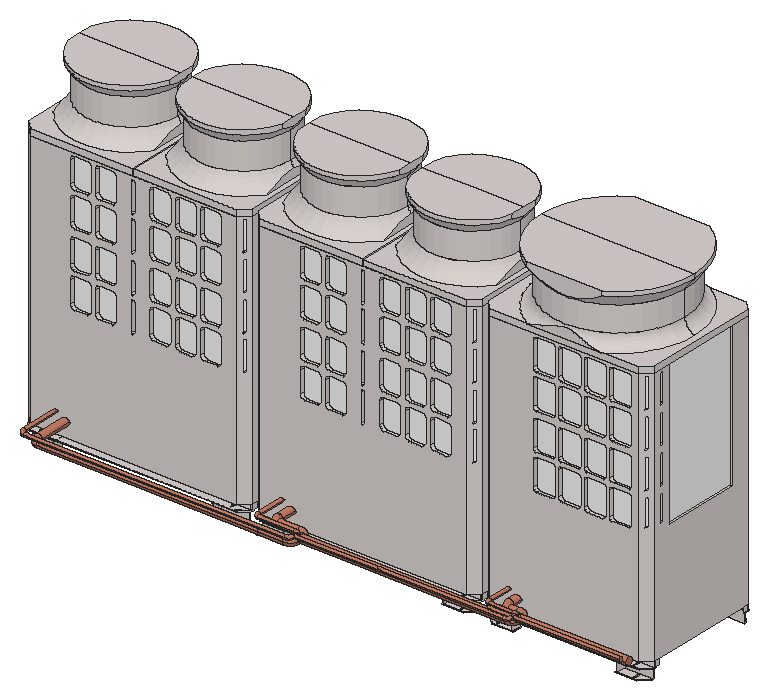
Revit family "PUHY-EP1000YSNW-A1", category 機械設備, Revit 2016
Family settings
  パーツ タイプ = 標準
  丸型コネクタ寸法 = 半径を使用
  OmniClass 番号 = 23.75.00.00
  OmniClass タイトル = Climate Control (HVAC)
  作業面に基づく = いいえ
  常に垂直 = はい
  ロード時にボイドで切り取り = いいえ
  共有 = いいえ
  部屋の計算ポイント = いいえ
Parameters (values of type "PUHY-EP1000YSNW-A1_400V_60Hz")
  Temp. range of cooling (Outdoor temp.) (D.B.) = "-5.0 to 52.0"
  Temp. range of cooling (Indoor temp.) (W.B.) = "15.0 to 24.0"
  Sound Pressure Level (dB(A)) Heating mode = 68.5
  Sound Pressure Level (dB(A)) Cooling mode = 68
  モデル = "PUHY-EP1000YSNW-A1"
  Width = 3460.000 mm
  WarrantyStart = ""
  Voltage = 400 V
  Unit Weight (kg) = 813
  URL = "http://www.mitsubishielectric.com/"
  Temp. range of heating (Outdoor temp.) (W.B.) = "-20.0 to 15.5"
  Temp. range of heating (Indoor temp.) (D.B.) = "15.0 to 27.0"
  TagNumber = 0
  Subcategory = "HVAC"
  Space View = yes
  SerialNumber = 0
  ReplacementYear = ""
  Refrigerant type = "R410A"
  Refrigerant Charge (kg) = 27.1
  Protection Devices_Inverter circuit (COMP./FAN) = "Over-current protection"
  Protection Devices_High pressure (MPa) = "High pressure sensor, High pressure switch at 4.15"
  Phase = 3
  製造元 = "Mitsubishi Electric Corporation"
  Outdoor unit 3 Breaker size (A) = 30
  Outdoor unit 3 = PUHY-EP250YNW-A1 : PUHY-EP250YNW-A1
  Outdoor unit 2 Breaker size (A) = 40
  Outdoor unit 2 = PUHY-EP350YNW-A1 : PUHY-EP350YNW-A1
  Outdoor unit 1 Breaker size (A) = 60
  Outdoor unit 1 = PUHY-EP400YNW-A1 : PUHY-EP400YNW-A1
  Note_1 = "Refrigerant pipe diameters may change depending on the installation condition. Please refer to the installation manual."
  Maximum Circuit Ampacity (A) = 68.9
  Liquid pipe_radius = 9.525 mm
  InstallationDate = ""
  Indoor Unit Total Capacity = "50 to 130% of outdoor unit capacity"
  Indoor Unit Model/Quantity = "P10 to P250/2 to 50"
  Hertz = 60 Hz
  Height = 1858.000 mm
  Heating SCOP (kW/kW) = 4.2
  Heating Rated Load Ampacity (A) = 47.8
  Heating Power Input (kW) = 29.81
  Heating Power Input (Nominal) (kW) = 24.94
  Heating Current Input (Nominal) (A) = 39.9
  Heating Current Input (A) = 47.8
  Heating Capacity (kW) = 127
  Heating Capacity (Nominal) (kW) = 113
  Heating COP (kW/kW) = 4.26
  Heating COP (Nominal) (kW/kW) = 4.53
  Gas pipe_radius = 20.640 mm
  Fan_Type = "Propeller Fan"
  Fan_Quantity = 5
  Fan Motor Output (kW) = 2.76
  External static pressure (Pa) = 0
  External Finish = "Pre-coated galvanized steel sheets (+powder coating for -BS type) <MUNSELL 3Y 7.8/1.1 or similar>"
  Equip_description = ""
  Equip_No. = 0
  Equip_ID = ""
  Description = ""
  Depth = 740.000 mm
  CreatedOn = ""
  CreatedBy = ""
  Cooling SEER (kW/kW) = 7.06
  Cooling Rated Load Ampacity (A) = 47.6
  Cooling Power Input (kW) = 29.73
  Cooling EER (kW/kW) = 3.8
  Cooling Current Input (A) = 47.6
  Cooling Capacity (kW) = 113
  Compressor_Type = "Inverter scroll hermetic compressor"
  Compressor_Quantity = 3
  Compressor_Lubricant = "MEL32"
  Compressor Motor Output (kW) = 22.6
  Category = ""
  Barcode = ""
  AssetIdentifier = ""
  Airflow Rate (m3/min) = 725
  Airflow Rate (m3/h) = 43500
Reference planes
  plane 1 "Center (Front/Back)": y = 0
  plane 2: z = 0
  plane 3 "Center (Left/Right)": x = -160
  plane 4: z = 1710
  plane 5: z = 60
  plane 6: y = 370
  plane 7 "front": y = -370
  plane 8: x = -1890
  plane 9: x = 1570
  plane 10: x = -620
  plane 11: x = 620
  plane 12: x = -650
  plane 13: x = 650
  plane 14: y = 370
  plane 15: y = -370
  plane 16: z = 1858
Forms (mm)
  Sweep 1, solid, material "Copper"
    path origin (137.855, 17.925, 207.255) x (0, -1, 0) y (1, 0, 0)
      loop
        line (380, -1839.039) -> (605, -1839.039)
        arc (605, -1839.039) -> (626.213, -1830.253) -> (635, -1809.039) r 30
        line (635, -1809.039) -> (635, -368.337)
        arc (635, -368.337) -> (629.142, -354.195) -> (615, -348.337) r 20
        line (615, -348.337) -> (590, -348.337)
        arc (590, -348.337) -> (575.858, -354.195) -> (570, -368.337) r 20
        line (570, -368.337) -> (570, -568.337)
        arc (570, -568.337) -> (564.142, -582.479) -> (550, -588.337) r 20
        line (550, -588.337) -> (380, -588.337)
    profile origin (-1701.184, -474.575, 207.255) x (1, 0, 0) y (0, 0, 1)
      loop
        circle (0, 0) r 9.525
  Sweep 2, solid, material "Copper"
    path origin (111.295, 17.925, 173.255) x (-1, 0, 0) y (0, -1, 0)
      loop
        line (1758.141, 380) -> (1758.141, 575)
        arc (1758.141, 575) -> (1747.889, 599.749) -> (1723.141, 610) r 35
        line (1723.141, 610) -> (502, 610) -> (364.723, 610)
        arc (364.723, 610) -> (339.974, 599.749) -> (329.723, 575) r 35
        line (329.723, 575) -> (329.723, 545)
        arc (329.723, 545) -> (339.974, 520.251) -> (364.723, 510) r 35
        line (364.723, 510) -> (475.673, 510)
        arc (475.673, 510) -> (500.421, 499.749) -> (510.673, 475) r 35
        line (510.673, 475) -> (510.673, 380)
    profile origin (-1646.846, -459.575, 173.255) x (1, 0, 0) y (0, 0, 1)
      loop
        circle (0, 0) r 20.64
  Sweep 3, solid, material "Copper"
    path origin (214.685, 17.925, 207.255) x (0, -1, 0) y (1, 0, 0)
      loop
        line (605, -426.689) -> (605, 43.311) -> (605, 737.327)
        arc (605, 737.327) -> (599.142, 751.469) -> (585, 757.327) r 20
        line (585, 757.327) -> (560.96, 757.327)
        arc (560.96, 757.327) -> (546.818, 751.469) -> (540.96, 737.327) r 20
        line (540.96, 737.327) -> (540.96, 607.327)
        arc (540.96, 607.327) -> (535.102, 593.185) -> (520.96, 587.327) r 20
        line (520.96, 587.327) -> (380, 587.327)
    profile origin (22.996, -587.075, 207.255) x (0, 1, 0) y (0, 0, 1)
      loop
        circle (0, 0) r 9.525
  Sweep 4, solid, material "Copper"
    path origin (188.125, 17.925, 173.255) x (-1, 0, 0) y (0, -1, 0)
      loop
        line (406.853, 555.96) -> (-741.149, 555.96)
        arc (-741.149, 555.96) -> (-765.897, 545.709) -> (-776.149, 520.96) r 35
        line (-776.149, 520.96) -> (-776.149, 510)
        arc (-776.149, 510) -> (-765.897, 485.251) -> (-741.149, 475) r 35
        line (-741.149, 475) -> (-696.149, 475)
        arc (-696.149, 475) -> (-671.4, 464.749) -> (-661.149, 440) r 35
        line (-661.149, 440) -> (-661.149, 380)
    profile origin (355.273, -538.035, 173.255) x (0, 1, 0) y (0, 0, 1)
      loop
        circle (0, 0) r 20.64
  Sweep 5, solid, material "Copper"
    path origin (114.685, 17.925, 207.255) x (0, -1, 0) y (1, 0, 0)
      loop
        line (572.806, 727.767) -> (572.806, 1455.315)
    profile origin (1206.226, -554.881, 207.255) x (0, 1, 0) y (0, 0, 1)
      loop
        circle (0, 0) r 9.525
  Sweep 6, solid, material "Copper"
    path origin (88.125, 17.925, 173.255) x (-1, 0, 0) y (0, -1, 0)
      loop
        line (-749.534, 515.995) -> (-1481.875, 515.995)
    profile origin (1203.83, -498.07, 173.255) x (0, 1, 0) y (0, 0, 1)
      loop
        circle (0, 0) r 20.64
Dimensions and locks
  nested 2 to nested 1 = 30.000 mm
  nested 1 to nested 3 = 30.000 mm
  nested 1 to nested 1 = 1240.000 mm
  nested 2 to nested 2 = 1240.000 mm
  nested 3 to nested 3 = 920.000 mm
  "Liquid pipe_radius": radius of Sweep 5 sketch curve
  "Gas pipe_radius": radius of Sweep 6 sketch curve
  aligned and locked: level to plane 2
Automatic sketch dimensions
  Sweep 1 sketch curve to plane 7 "front" = 7.925 mm  (x2)
  plane 7 "front" to Sweep 1 sketch curve = 162.075 mm
  Sweep 1 sketch curve to plane 3 "Center (Left/Right)" = 70.482 mm
  Sweep 1 sketch curve to Sweep 1 sketch curve = 20.000 mm
  Sweep 1 sketch curve to plane 3 "Center (Left/Right)" = 50.482 mm
  plane 7 "front" to Sweep 1 sketch curve = 217.075 mm
  Sweep 1 sketch curve to Sweep 1 sketch curve = 25.000 mm
  Sweep 1 sketch curve to Sweep 1 sketch curve = 30.000 mm
  Sweep 1 sketch curve to plane 3 "Center (Left/Right)" = 270.482 mm
  profile plane to Sweep 1 sketch curve = 0.000 mm
  Sweep 1 sketch curve to profile plane = 0.000 mm
  Sweep 2 sketch curve to plane 3 "Center (Left/Right)" = 58.427 mm
  Sweep 2 sketch curve to plane 3 "Center (Left/Right)" = 93.427 mm  (x2)
  Sweep 2 sketch curve to plane 3 "Center (Left/Right)" = 204.377 mm
  Sweep 2 sketch curve to plane 3 "Center (Left/Right)" = 230.705 mm
  Sweep 2 sketch curve to Sweep 2 sketch curve = 35.000 mm  (x2)
  plane 7 "front" to Sweep 2 sketch curve = 222.075 mm
  Sweep 2 sketch curve to Sweep 2 sketch curve = 30.000 mm
  Sweep 2 sketch curve to plane 7 "front" = 7.925 mm  (x2)
  profile plane to Sweep 2 sketch curve = 0.000 mm
  Sweep 2 sketch curve to profile plane = 0.000 mm
  Sweep 3 sketch curve to profile plane = 0.000 mm  (x2)
  plane 7 "front" to Sweep 4 sketch curve = 122.075 mm
  plane 7 "front" to Sweep 4 sketch curve = 87.075 mm
  Sweep 4 sketch curve to Sweep 4 sketch curve = 0.000 mm
  Sweep 4 sketch curve to Sweep 4 sketch curve = 45.000 mm
  plane 7 "front" to Sweep 4 sketch curve = 52.075 mm
  Sweep 4 sketch curve to plane 3 "Center (Left/Right)" = 58.728 mm
  Sweep 4 sketch curve to Sweep 4 sketch curve = 60.000 mm
  Sweep 4 sketch curve to Sweep 4 sketch curve = 10.960 mm
  Sweep 4 sketch curve to profile plane = 0.000 mm  (x2)
  Sweep 3 sketch curve to plane 7 "front" = 7.925 mm
  plane 7 "front" to Sweep 3 sketch curve = 133.035 mm
  Sweep 3 sketch curve to Sweep 3 sketch curve = 20.000 mm  (x2)
  Sweep 3 sketch curve to Sweep 3 sketch curve = 24.040 mm
  plane 7 "front" to Sweep 3 sketch curve = 217.075 mm
  Sweep 3 sketch curve to plane 3 "Center (Left/Right)" = 52.004 mm
  Sweep 3 sketch curve to Sweep 3 sketch curve = 470.000 mm
  Sweep 3 sketch curve to Sweep 3 sketch curve = 544.016 mm
  Sweep 3 sketch curve to Sweep 3 sketch curve = 130.000 mm
  Sweep 1 sketch curve to Sweep 1 sketch curve = 1220.702 mm
  Sweep 2 sketch curve to Sweep 2 sketch curve = 1212.468 mm
  Sweep 4 sketch curve to Sweep 4 sketch curve = 1068.002 mm
  Sweep 5 sketch curve to plane 9 = 0.000 mm
  plane 7 "front" to Sweep 5 sketch curve = 184.881 mm
  Sweep 5 sketch curve to plane 9 = 727.547 mm
  Sweep 6 sketch curve to plane 9 = 0.000 mm
  plane 7 "front" to Sweep 6 sketch curve = 128.070 mm
  Sweep 6 sketch curve to plane 9 = 732.341 mm
  Sweep 5 sketch curve to profile plane = 0.000 mm  (x2)
  Sweep 6 sketch curve to profile plane = 0.000 mm  (x2)
  radius of Sweep 1 sketch curve = 9.525 mm
  radius of Sweep 2 sketch curve = 20.640 mm
  radius of Sweep 3 sketch curve = 9.525 mm
  radius of Sweep 4 sketch curve = 20.640 mm
Nested families
  nested 1: "PUHY-EP350YNW-A1" at (0, 0, 0), type <- "Outdoor unit 2", type "PUHY-EP350YNW-A1"
  nested 2: "PUHY-EP400YNW-A1" at (-1270, 0, 0), type <- "Outdoor unit 1", type "PUHY-EP400YNW-A1"
  nested 3: "PUHY-EP250YNW-A1" at (1110, 0, 0), type <- "Outdoor unit 3", type "PUHY-EP250YNW-A1"
Connectors
  piping at (1570, -498.07, 173.255), diameter 41.28, driven by "Gas pipe_radius"
    settings: on Sweep 6, index 1, connector inside diameter 41.28 mm, connector length 0.000 mm, flow factor 0, pipe flow 0.0 L/s, pressure drop 0.0 Pa, fitting loss kfactor 0, connector angle 0.00°, fixture units 0, engagement length 0.000 mm, angle of deflection 0.00°, flow configuration 0, flow direction 0, fitting loss method 0, system type 22, joint type 0, gender type 0, connector reference index -1, connector utility 0, adjustable connector no, is connector primary yes, connector description "Indoor unit-Twinning pipe(Gas)"
  piping at (1570, -554.881, 207.255), diameter 19.05, driven by "Liquid pipe_radius"
    settings: on Sweep 5, index 2, connector inside diameter 19.05 mm, connector length 0.000 mm, flow factor 0, pipe flow 0.0 L/s, pressure drop 0.0 Pa, fitting loss kfactor 0, connector angle 0.00°, fixture units 0, engagement length 0.000 mm, angle of deflection 0.00°, flow configuration 0, flow direction 0, fitting loss method 0, system type 22, joint type 0, gender type 0, connector reference index -1, connector utility 0, adjustable connector no, is connector primary no, connector description "Indoor unit-Twinning pipe(Liquid)"
  electrical at (992, -370, 279), driven by "Phase", driven by "Voltage"
    settings: index 3, voltage 400 V, apparent load 0 VA, apparent load phase1 0 VA, apparent load phase2 0 VA, apparent load phase3 0 VA, power factor 1, load classification "HVAC", number of poles 3, system type 30, power factor state 1, is connector primary yes, connector utility no, sub classification motor no, connector description ""
  electrical at (-258, -370, 279), driven by "Phase", driven by "Voltage"
    settings: index 4, voltage 400 V, apparent load 0 VA, apparent load phase1 0 VA, apparent load phase2 0 VA, apparent load phase3 0 VA, power factor 1, load classification "HVAC", number of poles 3, system type 30, power factor state 1, is connector primary no, connector utility no, sub classification motor no, connector description ""
  electrical at (-1508, -370, 279), driven by "Phase", driven by "Voltage"
    settings: index 5, voltage 400 V, apparent load 0 VA, apparent load phase1 0 VA, apparent load phase2 0 VA, apparent load phase3 0 VA, power factor 1, load classification "HVAC", number of poles 3, system type 30, power factor state 1, is connector primary no, connector utility no, sub classification motor no, connector description ""
Definition of nested family "PUHY-EP350YNW-A1"
  Parameters
    Model = "PUHY-P350YNW-A"
    URL = "http://www.mitsubishielectric.com/"
    Manufacturer = "Mitsubishi Electric Corporation"
    Liquid pipe_radius = 12.700 mm
    Gas pipe_radius = 14.290 mm
  Reference planes
    plane 1 "Center (Front/Back)": y = 0
    plane 2: z = 0
    plane 3 "Center (Left/Right)": x = 0
    plane 4: y = 370
    plane 5: z = 1858
    plane 6: y = -260
    plane 7: y = -204
    plane 8: y = -185
    plane 9: x = -620
    plane 10: x = 620
    plane 11: x = -620
    plane 12: z = 716
    plane 13: x = -524
    plane 14: z = 669
    plane 15: x = -50.5
    plane 16: x = 51
    plane 17: x = 489
    plane 18: x = 467
    plane 19 "132": x = 488
    plane 20 "100": z = 160
    plane 21: z = 185
    plane 22: x = 413
    plane 23: x = 364
    plane 24: z = 150
    plane 25: x = -287.25
    plane 26: x = -137.25
    plane 27: x = -272.25
    plane 28: y = -278
    plane 29: z = 1509
    plane 30: y = -370
    plane 31: x = -530
    plane 32: x = 530
    plane 33 "179": y = -191
  Forms (mm)
    Extrusion 1, solid
      sketch origin (-1, 0, 113) x (-1, 0, 0) y (0, -1, 0)
        loop
          line (569, -370) -> (619, -320) -> (619, 320) -> (569, 370) -> (-571, 370) -> (-621, 320) -> (-621, -320) -> (-571, -370) -> (569, -370)
      from -18 to 1408
    Extrusion 2, void
      sketch origin (524, -370, 113) x (1, 0, 0) y (0, 0, -1)
        loop
          arc (-60.8, -1393.5) -> (-42.557, -1385.943) -> (-35, -1367.7) r 25.8
          line (-35, -1367.7) -> (-35, -1248.5)
          arc (-35, -1248.5) -> (-42.557, -1230.257) -> (-60.8, -1222.7) r 25.8
          line (-60.8, -1222.7) -> (-126, -1222.7)
          arc (-126, -1222.7) -> (-144.243, -1230.257) -> (-151.8, -1248.5) r 25.8
          line (-151.8, -1248.5) -> (-151.8, -1367.7)
          arc (-151.8, -1367.7) -> (-144.243, -1385.943) -> (-126, -1393.5) r 25.8
          line (-126, -1393.5) -> (-60.8, -1393.5)
      from 0 to 20
    Extrusion 3, void
      sketch origin (524, -370, -81) x (1, 0, 0) y (0, 0, -1)
        loop
          arc (-60.8, -1393.5) -> (-42.557, -1385.943) -> (-35, -1367.7) r 25.8
          line (-35, -1367.7) -> (-35, -1248.5)
          arc (-35, -1248.5) -> (-42.557, -1230.257) -> (-60.8, -1222.7) r 25.8
          line (-60.8, -1222.7) -> (-126, -1222.7)
          arc (-126, -1222.7) -> (-144.243, -1230.257) -> (-151.8, -1248.5) r 25.8
          line (-151.8, -1248.5) -> (-151.8, -1367.7)
          arc (-151.8, -1367.7) -> (-144.243, -1385.943) -> (-126, -1393.5) r 25.8
          line (-126, -1393.5) -> (-60.8, -1393.5)
      from 0 to 20
    Extrusion 4, void
      sketch origin (524, -370, -287) x (1, 0, 0) y (0, 0, -1)
        loop
          arc (-60.8, -1393.5) -> (-42.557, -1385.943) -> (-35, -1367.7) r 25.8
          line (-35, -1367.7) -> (-35, -1248.5)
          arc (-35, -1248.5) -> (-42.557, -1230.257) -> (-60.8, -1222.7) r 25.8
          line (-60.8, -1222.7) -> (-126, -1222.7)
          arc (-126, -1222.7) -> (-144.243, -1230.257) -> (-151.8, -1248.5) r 25.8
          line (-151.8, -1248.5) -> (-151.8, -1367.7)
          arc (-151.8, -1367.7) -> (-144.243, -1385.943) -> (-126, -1393.5) r 25.8
          line (-126, -1393.5) -> (-60.8, -1393.5)
      from 0 to 20
    Extrusion 5, void
      sketch origin (524, -370, -481) x (1, 0, 0) y (0, 0, -1)
        loop
          arc (-60.8, -1393.5) -> (-42.557, -1385.943) -> (-35, -1367.7) r 25.8
          line (-35, -1367.7) -> (-35, -1248.5)
          arc (-35, -1248.5) -> (-42.557, -1230.257) -> (-60.8, -1222.7) r 25.8
          line (-60.8, -1222.7) -> (-126, -1222.7)
          arc (-126, -1222.7) -> (-144.243, -1230.257) -> (-151.8, -1248.5) r 25.8
          line (-151.8, -1248.5) -> (-151.8, -1367.7)
          arc (-151.8, -1367.7) -> (-144.243, -1385.943) -> (-126, -1393.5) r 25.8
          line (-126, -1393.5) -> (-60.8, -1393.5)
      from 0 to 20
    Extrusion 6, void
      sketch origin (384, -370, 113) x (1, 0, 0) y (0, 0, -1)
        loop
          arc (-60.8, -1393.5) -> (-42.557, -1385.943) -> (-35, -1367.7) r 25.8
          line (-35, -1367.7) -> (-35, -1248.5)
          arc (-35, -1248.5) -> (-42.557, -1230.257) -> (-60.8, -1222.7) r 25.8
          line (-60.8, -1222.7) -> (-126, -1222.7)
          arc (-126, -1222.7) -> (-144.243, -1230.257) -> (-151.8, -1248.5) r 25.8
          line (-151.8, -1248.5) -> (-151.8, -1367.7)
          arc (-151.8, -1367.7) -> (-144.243, -1385.943) -> (-126, -1393.5) r 25.8
          line (-126, -1393.5) -> (-60.8, -1393.5)
      from 0 to 20
    Extrusion 7, void
      sketch origin (384, -370, -81) x (1, 0, 0) y (0, 0, -1)
        loop
          arc (-60.8, -1393.5) -> (-42.557, -1385.943) -> (-35, -1367.7) r 25.8
          line (-35, -1367.7) -> (-35, -1248.5)
          arc (-35, -1248.5) -> (-42.557, -1230.257) -> (-60.8, -1222.7) r 25.8
          line (-60.8, -1222.7) -> (-126, -1222.7)
          arc (-126, -1222.7) -> (-144.243, -1230.257) -> (-151.8, -1248.5) r 25.8
          line (-151.8, -1248.5) -> (-151.8, -1367.7)
          arc (-151.8, -1367.7) -> (-144.243, -1385.943) -> (-126, -1393.5) r 25.8
          line (-126, -1393.5) -> (-60.8, -1393.5)
      from 0 to 20
    Extrusion 8, void
      sketch origin (384, -370, -287) x (1, 0, 0) y (0, 0, -1)
        loop
          arc (-60.8, -1393.5) -> (-42.557, -1385.943) -> (-35, -1367.7) r 25.8
          line (-35, -1367.7) -> (-35, -1248.5)
          arc (-35, -1248.5) -> (-42.557, -1230.257) -> (-60.8, -1222.7) r 25.8
          line (-60.8, -1222.7) -> (-126, -1222.7)
          arc (-126, -1222.7) -> (-144.243, -1230.257) -> (-151.8, -1248.5) r 25.8
          line (-151.8, -1248.5) -> (-151.8, -1367.7)
          arc (-151.8, -1367.7) -> (-144.243, -1385.943) -> (-126, -1393.5) r 25.8
          line (-126, -1393.5) -> (-60.8, -1393.5)
      from 0 to 20
    Extrusion 9, void
      sketch origin (384, -370, -481) x (1, 0, 0) y (0, 0, -1)
        loop
          arc (-60.8, -1393.5) -> (-42.557, -1385.943) -> (-35, -1367.7) r 25.8
          line (-35, -1367.7) -> (-35, -1248.5)
          arc (-35, -1248.5) -> (-42.557, -1230.257) -> (-60.8, -1222.7) r 25.8
          line (-60.8, -1222.7) -> (-126, -1222.7)
          arc (-126, -1222.7) -> (-144.243, -1230.257) -> (-151.8, -1248.5) r 25.8
          line (-151.8, -1248.5) -> (-151.8, -1367.7)
          arc (-151.8, -1367.7) -> (-144.243, -1385.943) -> (-126, -1393.5) r 25.8
          line (-126, -1393.5) -> (-60.8, -1393.5)
      from 0 to 20
    Extrusion 10, void
      sketch origin (244, -370, 113) x (1, 0, 0) y (0, 0, -1)
        loop
          arc (-60.8, -1393.5) -> (-42.557, -1385.943) -> (-35, -1367.7) r 25.8
          line (-35, -1367.7) -> (-35, -1248.5)
          arc (-35, -1248.5) -> (-42.557, -1230.257) -> (-60.8, -1222.7) r 25.8
          line (-60.8, -1222.7) -> (-126, -1222.7)
          arc (-126, -1222.7) -> (-144.243, -1230.257) -> (-151.8, -1248.5) r 25.8
          line (-151.8, -1248.5) -> (-151.8, -1367.7)
          arc (-151.8, -1367.7) -> (-144.243, -1385.943) -> (-126, -1393.5) r 25.8
          line (-126, -1393.5) -> (-60.8, -1393.5)
      from 0 to 20
    Extrusion 11, void
      sketch origin (244, -370, -81) x (1, 0, 0) y (0, 0, -1)
        loop
          arc (-60.8, -1393.5) -> (-42.557, -1385.943) -> (-35, -1367.7) r 25.8
          line (-35, -1367.7) -> (-35, -1248.5)
          arc (-35, -1248.5) -> (-42.557, -1230.257) -> (-60.8, -1222.7) r 25.8
          line (-60.8, -1222.7) -> (-126, -1222.7)
          arc (-126, -1222.7) -> (-144.243, -1230.257) -> (-151.8, -1248.5) r 25.8
          line (-151.8, -1248.5) -> (-151.8, -1367.7)
          arc (-151.8, -1367.7) -> (-144.243, -1385.943) -> (-126, -1393.5) r 25.8
          line (-126, -1393.5) -> (-60.8, -1393.5)
      from 0 to 20
    Extrusion 12, void
      sketch origin (244, -370, -287) x (1, 0, 0) y (0, 0, -1)
        loop
          arc (-60.8, -1393.5) -> (-42.557, -1385.943) -> (-35, -1367.7) r 25.8
          line (-35, -1367.7) -> (-35, -1248.5)
          arc (-35, -1248.5) -> (-42.557, -1230.257) -> (-60.8, -1222.7) r 25.8
          line (-60.8, -1222.7) -> (-126, -1222.7)
          arc (-126, -1222.7) -> (-144.243, -1230.257) -> (-151.8, -1248.5) r 25.8
          line (-151.8, -1248.5) -> (-151.8, -1367.7)
          arc (-151.8, -1367.7) -> (-144.243, -1385.943) -> (-126, -1393.5) r 25.8
          line (-126, -1393.5) -> (-60.8, -1393.5)
      from 0 to 20
    Extrusion 13, void
      sketch origin (244, -370, -481) x (1, 0, 0) y (0, 0, -1)
        loop
          arc (-60.8, -1393.5) -> (-42.557, -1385.943) -> (-35, -1367.7) r 25.8
          line (-35, -1367.7) -> (-35, -1248.5)
          arc (-35, -1248.5) -> (-42.557, -1230.257) -> (-60.8, -1222.7) r 25.8
          line (-60.8, -1222.7) -> (-126, -1222.7)
          arc (-126, -1222.7) -> (-144.243, -1230.257) -> (-151.8, -1248.5) r 25.8
          line (-151.8, -1248.5) -> (-151.8, -1367.7)
          arc (-151.8, -1367.7) -> (-144.243, -1385.943) -> (-126, -1393.5) r 25.8
          line (-126, -1393.5) -> (-60.8, -1393.5)
      from 0 to 20
    Extrusion 14, void
      sketch origin (-56, -370, 113) x (1, 0, 0) y (0, 0, -1)
        loop
          arc (-60.8, -1393.5) -> (-42.557, -1385.943) -> (-35, -1367.7) r 25.8
          line (-35, -1367.7) -> (-35, -1248.5)
          arc (-35, -1248.5) -> (-42.557, -1230.257) -> (-60.8, -1222.7) r 25.8
          line (-60.8, -1222.7) -> (-126, -1222.7)
          arc (-126, -1222.7) -> (-144.243, -1230.257) -> (-151.8, -1248.5) r 25.8
          line (-151.8, -1248.5) -> (-151.8, -1367.7)
          arc (-151.8, -1367.7) -> (-144.243, -1385.943) -> (-126, -1393.5) r 25.8
          line (-126, -1393.5) -> (-60.8, -1393.5)
      from 0 to 20
    Extrusion 15, void
      sketch origin (-56, -370, -81) x (1, 0, 0) y (0, 0, -1)
        loop
          arc (-60.8, -1393.5) -> (-42.557, -1385.943) -> (-35, -1367.7) r 25.8
          line (-35, -1367.7) -> (-35, -1248.5)
          arc (-35, -1248.5) -> (-42.557, -1230.257) -> (-60.8, -1222.7) r 25.8
          line (-60.8, -1222.7) -> (-126, -1222.7)
          arc (-126, -1222.7) -> (-144.243, -1230.257) -> (-151.8, -1248.5) r 25.8
          line (-151.8, -1248.5) -> (-151.8, -1367.7)
          arc (-151.8, -1367.7) -> (-144.243, -1385.943) -> (-126, -1393.5) r 25.8
          line (-126, -1393.5) -> (-60.8, -1393.5)
      from 0 to 20
    Extrusion 16, void
      sketch origin (-56, -370, -287) x (1, 0, 0) y (0, 0, -1)
        loop
          arc (-60.8, -1393.5) -> (-42.557, -1385.943) -> (-35, -1367.7) r 25.8
          line (-35, -1367.7) -> (-35, -1248.5)
          arc (-35, -1248.5) -> (-42.557, -1230.257) -> (-60.8, -1222.7) r 25.8
          line (-60.8, -1222.7) -> (-126, -1222.7)
          arc (-126, -1222.7) -> (-144.243, -1230.257) -> (-151.8, -1248.5) r 25.8
          line (-151.8, -1248.5) -> (-151.8, -1367.7)
          arc (-151.8, -1367.7) -> (-144.243, -1385.943) -> (-126, -1393.5) r 25.8
          line (-126, -1393.5) -> (-60.8, -1393.5)
      from 0 to 20
    Extrusion 17, void
      sketch origin (-56, -370, -481) x (1, 0, 0) y (0, 0, -1)
        loop
          arc (-60.8, -1393.5) -> (-42.557, -1385.943) -> (-35, -1367.7) r 25.8
          line (-35, -1367.7) -> (-35, -1248.5)
          arc (-35, -1248.5) -> (-42.557, -1230.257) -> (-60.8, -1222.7) r 25.8
          line (-60.8, -1222.7) -> (-126, -1222.7)
          arc (-126, -1222.7) -> (-144.243, -1230.257) -> (-151.8, -1248.5) r 25.8
          line (-151.8, -1248.5) -> (-151.8, -1367.7)
          arc (-151.8, -1367.7) -> (-144.243, -1385.943) -> (-126, -1393.5) r 25.8
          line (-126, -1393.5) -> (-60.8, -1393.5)
      from 0 to 20
    Extrusion 18, void
      sketch origin (-196, -370, 113) x (1, 0, 0) y (0, 0, -1)
        loop
          arc (-60.8, -1393.5) -> (-42.557, -1385.943) -> (-35, -1367.7) r 25.8
          line (-35, -1367.7) -> (-35, -1248.5)
          arc (-35, -1248.5) -> (-42.557, -1230.257) -> (-60.8, -1222.7) r 25.8
          line (-60.8, -1222.7) -> (-126, -1222.7)
          arc (-126, -1222.7) -> (-144.243, -1230.257) -> (-151.8, -1248.5) r 25.8
          line (-151.8, -1248.5) -> (-151.8, -1367.7)
          arc (-151.8, -1367.7) -> (-144.243, -1385.943) -> (-126, -1393.5) r 25.8
          line (-126, -1393.5) -> (-60.8, -1393.5)
      from 0 to 20
    Extrusion 19, void
      sketch origin (-196, -370, -81) x (1, 0, 0) y (0, 0, -1)
        loop
          arc (-60.8, -1393.5) -> (-42.557, -1385.943) -> (-35, -1367.7) r 25.8
          line (-35, -1367.7) -> (-35, -1248.5)
          arc (-35, -1248.5) -> (-42.557, -1230.257) -> (-60.8, -1222.7) r 25.8
          line (-60.8, -1222.7) -> (-126, -1222.7)
          arc (-126, -1222.7) -> (-144.243, -1230.257) -> (-151.8, -1248.5) r 25.8
          line (-151.8, -1248.5) -> (-151.8, -1367.7)
          arc (-151.8, -1367.7) -> (-144.243, -1385.943) -> (-126, -1393.5) r 25.8
          line (-126, -1393.5) -> (-60.8, -1393.5)
      from 0 to 20
    Extrusion 20, void
      sketch origin (-196, -370, -287) x (1, 0, 0) y (0, 0, -1)
        loop
          arc (-60.8, -1393.5) -> (-42.557, -1385.943) -> (-35, -1367.7) r 25.8
          line (-35, -1367.7) -> (-35, -1248.5)
          arc (-35, -1248.5) -> (-42.557, -1230.257) -> (-60.8, -1222.7) r 25.8
          line (-60.8, -1222.7) -> (-126, -1222.7)
          arc (-126, -1222.7) -> (-144.243, -1230.257) -> (-151.8, -1248.5) r 25.8
          line (-151.8, -1248.5) -> (-151.8, -1367.7)
          arc (-151.8, -1367.7) -> (-144.243, -1385.943) -> (-126, -1393.5) r 25.8
          line (-126, -1393.5) -> (-60.8, -1393.5)
      from 0 to 20
    Extrusion 21, void
      sketch origin (-196, -370, -481) x (1, 0, 0) y (0, 0, -1)
        loop
          arc (-60.8, -1393.5) -> (-42.557, -1385.943) -> (-35, -1367.7) r 25.8
          line (-35, -1367.7) -> (-35, -1248.5)
          arc (-35, -1248.5) -> (-42.557, -1230.257) -> (-60.8, -1222.7) r 25.8
          line (-60.8, -1222.7) -> (-126, -1222.7)
          arc (-126, -1222.7) -> (-144.243, -1230.257) -> (-151.8, -1248.5) r 25.8
          line (-151.8, -1248.5) -> (-151.8, -1367.7)
          arc (-151.8, -1367.7) -> (-144.243, -1385.943) -> (-126, -1393.5) r 25.8
          line (-126, -1393.5) -> (-60.8, -1393.5)
      from 0 to 20
    Extrusion 22, void
      sketch origin (620, 320, 113) x (0, 1, 0) y (0, 0, -1)
        loop
          line (-462.3, -1408) -> (-50.8, -1408) -> (-50.8, -612) -> (-462.3, -612) -> (-462.3, -1408)
      from 0 to 20
    Extrusion 23, void
      sketch origin (-620, -320, 113) x (0, -1, 0) y (0, 0, -1)
        loop
          line (-535.7, -1408) -> (-207.7, -1408) -> (-207.7, -592) -> (-535.7, -592) -> (-535.7, -1408)
      from 0 to 20
    Extrusion 24, void
      sketch origin (194.892, 370, 113) x (-1, 0, 0) y (0, 0, -1)
        loop
          arc (204.892, -1225.013) -> (194.892, -1215.013) -> (184.892, -1225.013) r 10
          line (184.892, -1225.013) -> (184.892, -1379.987)
          arc (184.892, -1379.987) -> (194.892, -1389.987) -> (204.892, -1379.987) r 10
          line (204.892, -1379.987) -> (204.892, -1225.013)
        loop
          arc (204.892, -1031.013) -> (194.892, -1021.013) -> (184.892, -1031.013) r 10
          line (184.892, -1031.013) -> (184.892, -1185.987)
          arc (184.892, -1185.987) -> (194.892, -1195.987) -> (204.892, -1185.987) r 10
          line (204.892, -1185.987) -> (204.892, -1031.013)
        loop
          arc (204.892, -825.013) -> (194.892, -815.013) -> (184.892, -825.013) r 10
          line (184.892, -825.013) -> (184.892, -979.987)
          arc (184.892, -979.987) -> (194.892, -989.987) -> (204.892, -979.987) r 10
          line (204.892, -979.987) -> (204.892, -825.013)
        loop
          arc (204.892, -631.013) -> (194.892, -621.013) -> (184.892, -631.013) r 10
          line (184.892, -631.013) -> (184.892, -785.987)
          arc (184.892, -785.987) -> (194.892, -795.987) -> (204.892, -785.987) r 10
          line (204.892, -785.987) -> (204.892, -631.013)
      from 0 to 20
    Extrusion 25, void
      sketch origin (-570, 370, 113) x (0.707107, 0.707107, 0) y (0, 0, 1)
        loop
          arc (-45.355, 1236) -> (-35.355, 1226) -> (-25.355, 1236) r 10
          line (-25.355, 1236) -> (-25.355, 1386)
          arc (-25.355, 1386) -> (-35.355, 1396) -> (-45.355, 1386) r 10
          line (-45.355, 1386) -> (-45.355, 1236)
        loop
          arc (-45.355, 1036) -> (-35.355, 1026) -> (-25.355, 1036) r 10
          line (-25.355, 1036) -> (-25.355, 1186)
          arc (-25.355, 1186) -> (-35.355, 1196) -> (-45.355, 1186) r 10
          line (-45.355, 1186) -> (-45.355, 1036)
        loop
          arc (-45.355, 836) -> (-35.355, 826) -> (-25.355, 836) r 10
          line (-25.355, 836) -> (-25.355, 986)
          arc (-25.355, 986) -> (-35.355, 996) -> (-45.355, 986) r 10
          line (-45.355, 986) -> (-45.355, 836)
        loop
          arc (-45.355, 641) -> (-35.355, 631) -> (-25.355, 641) r 10
          line (-25.355, 641) -> (-25.355, 791)
          arc (-25.355, 791) -> (-35.355, 801) -> (-45.355, 791) r 10
          line (-45.355, 791) -> (-45.355, 641)
      from 0 to 20
    Extrusion 26, void
      sketch origin (-620, -320, 113) x (0, -1, 0) y (0, 0, -1)
        loop
          line (-607.846, -1035.895) -> (-607.846, -1186.105)
          arc (-607.846, -1186.105) -> (-597.846, -1196.105) -> (-587.846, -1186.105) r 10
          line (-587.846, -1186.105) -> (-587.846, -1035.895)
          arc (-587.846, -1035.895) -> (-597.846, -1025.895) -> (-607.846, -1035.895) r 10
        loop
          line (-607.846, -835.895) -> (-607.846, -986.105)
          arc (-607.846, -986.105) -> (-597.846, -996.105) -> (-587.846, -986.105) r 10
          line (-587.846, -986.105) -> (-587.846, -835.895)
          arc (-587.846, -835.895) -> (-597.846, -825.895) -> (-607.846, -835.895) r 10
        loop
          line (-607.846, -1235.895) -> (-607.846, -1386.105)
          arc (-607.846, -1386.105) -> (-597.846, -1396.105) -> (-587.846, -1386.105) r 10
          line (-587.846, -1386.105) -> (-587.846, -1235.895)
          arc (-587.846, -1235.895) -> (-597.846, -1225.895) -> (-607.846, -1235.895) r 10
        loop
          line (-607.846, -635.895) -> (-607.846, -786.105)
          arc (-607.846, -786.105) -> (-597.846, -796.105) -> (-587.846, -786.105) r 10
          line (-587.846, -786.105) -> (-587.846, -635.895)
          arc (-587.846, -635.895) -> (-597.846, -625.895) -> (-607.846, -635.895) r 10
      from 0 to 20
    Extrusion 27, void
      sketch origin (1079, -370, 113) x (1, 0, 0) y (0, 0, -1)
        loop
          arc (-1089, -1379.975) -> (-1079, -1389.975) -> (-1069, -1379.975) r 10
          line (-1069, -1379.975) -> (-1069, -1225)
          arc (-1069, -1225) -> (-1079, -1215) -> (-1089, -1225) r 10
          line (-1089, -1225) -> (-1089, -1379.975)
        loop
          arc (-1089, -1185.975) -> (-1079, -1195.975) -> (-1069, -1185.975) r 10
          line (-1069, -1185.975) -> (-1069, -1031)
          arc (-1069, -1031) -> (-1079, -1021) -> (-1089, -1031) r 10
          line (-1089, -1031) -> (-1089, -1185.975)
        loop
          arc (-1089, -979.975) -> (-1079, -989.975) -> (-1069, -979.975) r 10
          line (-1069, -979.975) -> (-1069, -825)
          arc (-1069, -825) -> (-1079, -815) -> (-1089, -825) r 10
          line (-1089, -825) -> (-1089, -979.975)
        loop
          arc (-1089, -785.975) -> (-1079, -795.975) -> (-1069, -785.975) r 10
          line (-1069, -785.975) -> (-1069, -631)
          arc (-1069, -631) -> (-1079, -621) -> (-1089, -631) r 10
          line (-1089, -631) -> (-1089, -785.975)
      from 0 to 20
    Extrusion 28, void
      sketch origin (-571, 370, 113) x (-1, 0, 0) y (0, 0, -1)
        loop
          line (-519.5, -1408) -> (-48, -1408) -> (-48, -556) -> (-519.5, -556) -> (-519.5, -1408)
      from 0 to 20
    Extrusion 29, void
      sketch origin (-571, 370, 113) x (-1, 0, 0) y (0, 0, -1)
        loop
          line (-1038, -1408) -> (-622, -1408) -> (-622, -556) -> (-1038, -556) -> (-1038, -1408)
      from 0 to 20
    Extrusion 30, void
      sketch origin (620, 320, 113) x (0, 1, 0) y (0, 0, -1)
        loop
          arc (-588, -1035.791) -> (-598, -1025.791) -> (-608, -1035.791) r 10
          line (-608, -1035.791) -> (-608, -1186)
          arc (-608, -1186) -> (-598, -1196) -> (-588, -1186) r 10
          line (-588, -1186) -> (-588, -1035.791)
        loop
          arc (-588, -835.791) -> (-598, -825.791) -> (-608, -835.791) r 10
          line (-608, -835.791) -> (-608, -986)
          arc (-608, -986) -> (-598, -996) -> (-588, -986) r 10
          line (-588, -986) -> (-588, -835.791)
        loop
          arc (-588, -1235.791) -> (-598, -1225.791) -> (-608, -1235.791) r 10
          line (-608, -1235.791) -> (-608, -1386)
          arc (-608, -1386) -> (-598, -1396) -> (-588, -1386) r 10
          line (-588, -1386) -> (-588, -1235.791)
        loop
          arc (-588, -635.791) -> (-598, -625.791) -> (-608, -635.791) r 10
          line (-608, -635.791) -> (-608, -786)
          arc (-608, -786) -> (-598, -796) -> (-588, -786) r 10
          line (-588, -786) -> (-588, -635.791)
      from 0 to 20
    Extrusion 31, void
      sketch origin (1291.751, 351.751, 113) x (0.707107, 0.707107, 0) y (0, 0, -1)
        loop
          line (-995.311, -1236) -> (-995.311, -1386)
          arc (-995.311, -1386) -> (-985.311, -1396) -> (-975.311, -1386) r 10
          line (-975.311, -1386) -> (-975.311, -1236)
          arc (-975.311, -1236) -> (-985.311, -1226) -> (-995.311, -1236) r 10
        loop
          line (-995.311, -1036) -> (-995.311, -1186)
          arc (-995.311, -1186) -> (-985.311, -1196) -> (-975.311, -1186) r 10
          line (-975.311, -1186) -> (-975.311, -1036)
          arc (-975.311, -1036) -> (-985.311, -1026) -> (-995.311, -1036) r 10
        loop
          line (-995.311, -836) -> (-995.311, -986)
          arc (-995.311, -986) -> (-985.311, -996) -> (-975.311, -986) r 10
          line (-975.311, -986) -> (-975.311, -836)
          arc (-975.311, -836) -> (-985.311, -826) -> (-995.311, -836) r 10
        loop
          line (-995.311, -641) -> (-995.311, -791)
          arc (-995.311, -791) -> (-985.311, -801) -> (-975.311, -791) r 10
          line (-975.311, -791) -> (-975.311, -641)
          arc (-975.311, -641) -> (-985.311, -631) -> (-995.311, -641) r 10
      from 0 to 20
    Extrusion 32, void
      sketch origin (0, -191, 0) x (-1, 0, 0) y (0, 0, 1)
        loop
          circle (460, 176) r 6.35
      from 0 to 78.7
    Extrusion 33, void
      sketch origin (0, -191, 0) x (-1, 0, 0) y (0, 0, 1)
        loop
          circle (377, 176) r 14.29
      from 0 to 78.7
  Cuts and joins
    Extrusion 2, Extrusion 3, Extrusion 4, Extrusion 5, Extrusion 6, Extrusion 7, Extrusion 8, Extrusion 9, Extrusion 10, Extrusion 11, Extrusion 12, Extrusion 13, Extrusion 14, Extrusion 15, Extrusion 16, Extrusion 17, Extrusion 18, Extrusion 19, Extrusion 20, Extrusion 21, Extrusion 22, Extrusion 23, Extrusion 24, Extrusion 25, Extrusion 26, Extrusion 27, Extrusion 28, Extrusion 29, Extrusion 30, Extrusion 31, Extrusion 32, Extrusion 33 cuts Extrusion 1
  Lines and regions (mm)
    model lines
      curve 1: line (-351, -291, 95) -> (-481, -291, 95)
      curve 2: line (-342, -206, 95) -> (-342, -282, 95)
      curve 3: line (-481, -197, 95) -> (-351, -197, 95)
      curve 4: line (-492, -280, 95) -> (-492, -208, 95)
      curve 5: arc (-492, -280, 95) -> (-488.778, -287.778, 95) -> (-481, -291, 95) r 11
      curve 6: arc (-351, -291, 95) -> (-344.636, -288.364, 95) -> (-342, -282, 95) r 9
      curve 7: arc (-342, -206, 95) -> (-344.636, -199.636, 95) -> (-351, -197, 95) r 9
      curve 8: arc (-481, -197, 95) -> (-488.778, -200.222, 95) -> (-492, -208, 95) r 11
      curve 9: line (-30, -370, 1521) -> (-30, -370, 95)
      curve 10: line (30, -370, 1521) -> (30, -370, 95)
      curve 11: line (-485, -370, 215) -> (-357, -370, 215)
      curve 12: line (-495, -370, 141) -> (-495, -370, 205)
      curve 13: line (-357, -370, 131) -> (-485, -370, 131)
      curve 14: line (-347, -370, 205) -> (-347, -370, 141)
      curve 15: arc (-485, -370, 215) -> (-492.071, -370, 212.071) -> (-495, -370, 205) r 10
      curve 16: arc (-495, -370, 141) -> (-492.071, -370, 133.929) -> (-485, -370, 131) r 10
      curve 17: arc (-357, -370, 131) -> (-349.929, -370, 133.929) -> (-347, -370, 141) r 10
      curve 18: arc (-347, -370, 205) -> (-349.929, -370, 212.071) -> (-357, -370, 215) r 10
      curve 19: line (-405, -370, 1521) -> (-405, -370, 716)
      curve 20: line (620, -162.3, 1521) -> (620, -162.3, 95)
      curve 21: line (620, 289.2, 1521) -> (620, 289.2, 95)
      curve 22: line (620, -162.3, 705) -> (620, 289.2, 705)
      curve 23: line (620, -162.3, 725) -> (620, 289.2, 725)
      curve 24: line (620, -76.8, 583) -> (620, 203.2, 583)
      curve 25: line (620, 203.2, 563) -> (620, -76.8, 563)
      curve 26: arc (620, -76.8, 583) -> (620, -83.871, 580.071) -> (620, -86.8, 573) r 10
      curve 27: arc (620, -76.8, 563) -> (620, -83.871, 565.929) -> (620, -86.8, 573) r 10
      curve 28: arc (620, 203.2, 583) -> (620, 210.271, 580.071) -> (620, 213.2, 573) r 10
      curve 29: arc (620, 203.2, 563) -> (620, 210.271, 565.929) -> (620, 213.2, 573) r 10
      curve 30: line (620, -76.8, 478) -> (620, 203.2, 478)
      curve 31: line (620, 203.2, 458) -> (620, -76.8, 458)
      curve 32: arc (620, -76.8, 478) -> (620, -83.871, 475.071) -> (620, -86.8, 468) r 10
      curve 33: arc (620, -76.8, 458) -> (620, -83.871, 460.929) -> (620, -86.8, 468) r 10
      curve 34: arc (620, 203.2, 478) -> (620, 210.271, 475.071) -> (620, 213.2, 468) r 10
      curve 35: arc (620, 203.2, 458) -> (620, 210.271, 460.929) -> (620, 213.2, 468) r 10
      curve 36: line (620, -76.8, 373) -> (620, 203.2, 373)
      curve 37: line (620, 203.2, 353) -> (620, -76.8, 353)
      curve 38: arc (620, -76.8, 373) -> (620, -83.871, 370.071) -> (620, -86.8, 363) r 10
      curve 39: arc (620, -76.8, 353) -> (620, -83.871, 355.929) -> (620, -86.8, 363) r 10
      curve 40: arc (620, 203.2, 373) -> (620, 210.271, 370.071) -> (620, 213.2, 363) r 10
      curve 41: arc (620, 203.2, 353) -> (620, 210.271, 355.929) -> (620, 213.2, 363) r 10
      curve 42: line (620, -76.8, 268) -> (620, 203.2, 268)
      curve 43: line (620, 203.2, 248) -> (620, -76.8, 248)
      curve 44: arc (620, -76.8, 268) -> (620, -83.871, 265.071) -> (620, -86.8, 258) r 10
      curve 45: arc (620, -76.8, 248) -> (620, -83.871, 250.929) -> (620, -86.8, 258) r 10
      curve 46: arc (620, 203.2, 268) -> (620, 210.271, 265.071) -> (620, 213.2, 258) r 10
      curve 47: arc (620, 203.2, 248) -> (620, 210.271, 250.929) -> (620, 213.2, 258) r 10
      curve 48: line (-620, -162.3, 1521) -> (-620, -162.3, 95)
      curve 49: line (-620, 235.7, 1521) -> (-620, 235.7, 95)
      curve 50: line (-620, -112.3, 1521) -> (-620, -112.3, 705)
      curve 51: line (-620, 215.7, 1521) -> (-620, 215.7, 705)
      curve 52: line (-620, 235.7, 705) -> (-620, -162.3, 705)
      curve 53: line (-620, 176.7, 268) -> (-620, -103.3, 268)
      curve 54: line (-620, -103.3, 248) -> (-620, 176.7, 248)
      curve 55: arc (-620, 186.7, 258) -> (-620, 183.771, 265.071) -> (-620, 176.7, 268) r 10
      curve 56: arc (-620, 176.7, 248) -> (-620, 183.771, 250.929) -> (-620, 186.7, 258) r 10
      curve 57: arc (-620, -103.3, 268) -> (-620, -110.371, 265.071) -> (-620, -113.3, 258) r 10
      curve 58: arc (-620, -113.3, 258) -> (-620, -110.371, 250.929) -> (-620, -103.3, 248) r 10
      curve 59: line (-620, 176.7, 373) -> (-620, -103.3, 373)
      curve 60: line (-620, -103.3, 353) -> (-620, 176.7, 353)
      curve 61: arc (-620, 186.7, 363) -> (-620, 183.771, 370.071) -> (-620, 176.7, 373) r 10
      curve 62: arc (-620, 176.7, 353) -> (-620, 183.771, 355.929) -> (-620, 186.7, 363) r 10
      curve 63: arc (-620, -103.3, 373) -> (-620, -110.371, 370.071) -> (-620, -113.3, 363) r 10
      curve 64: arc (-620, -113.3, 363) -> (-620, -110.371, 355.929) -> (-620, -103.3, 353) r 10
      curve 65: line (-620, 176.7, 478) -> (-620, -103.3, 478)
      curve 66: line (-620, -103.3, 458) -> (-620, 176.7, 458)
      curve 67: arc (-620, 186.7, 468) -> (-620, 183.771, 475.071) -> (-620, 176.7, 478) r 10
      curve 68: arc (-620, 176.7, 458) -> (-620, 183.771, 460.929) -> (-620, 186.7, 468) r 10
      curve 69: arc (-620, -103.3, 478) -> (-620, -110.371, 475.071) -> (-620, -113.3, 468) r 10
      curve 70: arc (-620, -113.3, 468) -> (-620, -110.371, 460.929) -> (-620, -103.3, 458) r 10
      curve 71: line (-620, 176.7, 583) -> (-620, -103.3, 583)
      curve 72: line (-620, -103.3, 563) -> (-620, 176.7, 563)
      curve 73: arc (-620, 186.7, 573) -> (-620, 183.771, 580.071) -> (-620, 176.7, 583) r 10
      curve 74: arc (-620, 176.7, 563) -> (-620, 183.771, 565.929) -> (-620, 186.7, 573) r 10
      curve 75: arc (-620, -103.3, 583) -> (-620, -110.371, 580.071) -> (-620, -113.3, 573) r 10
      curve 76: arc (-620, -113.3, 573) -> (-620, -110.371, 565.929) -> (-620, -103.3, 563) r 10
      curve 77: line (-544, 370, 1521) -> (-544, 370, 95)
      curve 78: line (489, 370, 649) -> (30, 370, 649)
      curve 79: line (-30.5, 370, 649) -> (-544, 370, 649)
      curve 80: line (-147.25, 370, 584) -> (-427.25, 370, 584)
      curve 81: line (-427.25, 370, 564) -> (-147.25, 370, 564)
      curve 82: arc (-137.25, 370, 574) -> (-140.179, 370, 581.071) -> (-147.25, 370, 584) r 10
      curve 83: arc (-147.25, 370, 564) -> (-140.179, 370, 566.929) -> (-137.25, 370, 574) r 10
      curve 84: arc (-427.25, 370, 584) -> (-434.321, 370, 581.071) -> (-437.25, 370, 574) r 10
      curve 85: arc (-437.25, 370, 574) -> (-434.321, 370, 566.929) -> (-427.25, 370, 564) r 10
      curve 86: circle (448, -185, 1521) r 15 normal (0, 0, 1)
      curve 87: circle (468, -185, 95) r 26 normal (0, 0, 1)
      curve 88: circle (448, -260, 95) r 32.5 normal (0, 0, 1)
      curve 89: circle (404, -204, 95) r 17 normal (0, 0, 1)
      curve 90: line (-550, -370, 1521) -> (-550, -370, 95)
      curve 91: line (-550, -370, 716) -> (-30, -370, 716)
      curve 92: line (550, -370, 95) -> (550, -370, 1521)
      curve 93: line (30, -370, 716) -> (550, -370, 716)
      curve 94: line (-30.5, 370, 1521) -> (-30.5, 370, 95)
      curve 95: line (30, 370, 1521) -> (30, 370, 95)
      curve 96: line (489, 370, 1521) -> (489, 370, 95)
      curve 97: line (467, 370, 669) -> (467, 370, 649)
      curve 98: line (-352, -370, 223) -> (-550, -370, 223)
      curve 99: line (-342, -370, 213) -> (-342, -370, 95)
      curve 100: arc (-342, -370, 213) -> (-344.929, -370, 220.071) -> (-352, -370, 223) r 10
      curve 101: circle (488, -370, 160) r 32.5 normal (0, -1, 0)
      curve 102: circle (488, -370, 160) r 20 normal (0, -1, 0)
      curve 103: circle (364, -370, 150) r 17 normal (0, -1, 0)
      curve 104: circle (413, -370, 185) r 26 normal (0, -1, 0)
      curve 105: circle (413, -370, 185) r 13.5 normal (0, -1, 0)
      curve 106: line (352, -370, 223) -> (550, -370, 223)
      curve 107: line (342, -370, 213) -> (342, -370, 95)
      curve 108: arc (342, -370, 213) -> (344.929, -370, 220.071) -> (352, -370, 223) r 10
      curve 109: line (-147.25, 370, 479) -> (-427.25, 370, 479)
      curve 110: line (-427.25, 370, 459) -> (-147.25, 370, 459)
      curve 111: arc (-137.25, 370, 469) -> (-140.179, 370, 476.071) -> (-147.25, 370, 479) r 10
      curve 112: arc (-147.25, 370, 459) -> (-140.179, 370, 461.929) -> (-137.25, 370, 469) r 10
      curve 113: arc (-427.25, 370, 479) -> (-434.321, 370, 476.071) -> (-437.25, 370, 469) r 10
      curve 114: arc (-437.25, 370, 469) -> (-434.321, 370, 461.929) -> (-427.25, 370, 459) r 10
      curve 115: line (-147.25, 370, 374) -> (-427.25, 370, 374)
      curve 116: line (-427.25, 370, 354) -> (-147.25, 370, 354)
      curve 117: arc (-137.25, 370, 364) -> (-140.179, 370, 371.071) -> (-147.25, 370, 374) r 10
      curve 118: arc (-147.25, 370, 354) -> (-140.179, 370, 356.929) -> (-137.25, 370, 364) r 10
      curve 119: arc (-427.25, 370, 374) -> (-434.321, 370, 371.071) -> (-437.25, 370, 364) r 10
      curve 120: arc (-437.25, 370, 364) -> (-434.321, 370, 356.929) -> (-427.25, 370, 354) r 10
      curve 121: line (-147.25, 370, 269) -> (-427.25, 370, 269)
      curve 122: line (-427.25, 370, 249) -> (-147.25, 370, 249)
      curve 123: arc (-137.25, 370, 259) -> (-140.179, 370, 266.071) -> (-147.25, 370, 269) r 10
      curve 124: arc (-147.25, 370, 249) -> (-140.179, 370, 251.929) -> (-137.25, 370, 259) r 10
      curve 125: arc (-427.25, 370, 269) -> (-434.321, 370, 266.071) -> (-437.25, 370, 259) r 10
      curve 126: arc (-437.25, 370, 259) -> (-434.321, 370, 251.929) -> (-427.25, 370, 249) r 10
      curve 127: line (399.5, 370, 584) -> (119.5, 370, 584)
      curve 128: line (119.5, 370, 564) -> (399.5, 370, 564)
      curve 129: arc (409.5, 370, 574) -> (406.571, 370, 581.071) -> (399.5, 370, 584) r 10
      curve 130: arc (399.5, 370, 564) -> (406.571, 370, 566.929) -> (409.5, 370, 574) r 10
      curve 131: arc (119.5, 370, 584) -> (112.429, 370, 581.071) -> (109.5, 370, 574) r 10
      curve 132: arc (109.5, 370, 574) -> (112.429, 370, 566.929) -> (119.5, 370, 564) r 10
      curve 133: line (399.5, 370, 479) -> (119.5, 370, 479)
      curve 134: line (119.5, 370, 459) -> (399.5, 370, 459)
      curve 135: arc (409.5, 370, 469) -> (406.571, 370, 476.071) -> (399.5, 370, 479) r 10
      curve 136: arc (399.5, 370, 459) -> (406.571, 370, 461.929) -> (409.5, 370, 469) r 10
      curve 137: arc (119.5, 370, 479) -> (112.429, 370, 476.071) -> (109.5, 370, 469) r 10
      curve 138: arc (109.5, 370, 469) -> (112.429, 370, 461.929) -> (119.5, 370, 459) r 10
      curve 139: line (399.5, 370, 374) -> (119.5, 370, 374)
      curve 140: line (119.5, 370, 354) -> (399.5, 370, 354)
      curve 141: arc (409.5, 370, 364) -> (406.571, 370, 371.071) -> (399.5, 370, 374) r 10
      curve 142: arc (399.5, 370, 354) -> (406.571, 370, 356.929) -> (409.5, 370, 364) r 10
      curve 143: arc (119.5, 370, 374) -> (112.429, 370, 371.071) -> (109.5, 370, 364) r 10
      curve 144: arc (109.5, 370, 364) -> (112.429, 370, 356.929) -> (119.5, 370, 354) r 10
      curve 145: line (399.5, 370, 269) -> (119.5, 370, 269)
      curve 146: line (119.5, 370, 249) -> (399.5, 370, 249)
      curve 147: arc (409.5, 370, 259) -> (406.571, 370, 266.071) -> (399.5, 370, 269) r 10
      curve 148: arc (399.5, 370, 249) -> (406.571, 370, 251.929) -> (409.5, 370, 259) r 10
      curve 149: arc (119.5, 370, 269) -> (112.429, 370, 266.071) -> (109.5, 370, 259) r 10
      curve 150: arc (109.5, 370, 259) -> (112.429, 370, 251.929) -> (119.5, 370, 249) r 10
      curve 151: line (399.5, -370, 584) -> (119.5, -370, 584)
      curve 152: line (119.5, -370, 564) -> (399.5, -370, 564)
      curve 153: arc (409.5, -370, 574) -> (406.571, -370, 581.071) -> (399.5, -370, 584) r 10
      curve 154: arc (399.5, -370, 564) -> (406.571, -370, 566.929) -> (409.5, -370, 574) r 10
      curve 155: arc (119.5, -370, 584) -> (112.429, -370, 581.071) -> (109.5, -370, 574) r 10
      curve 156: arc (109.5, -370, 574) -> (112.429, -370, 566.929) -> (119.5, -370, 564) r 10
      curve 157: line (399.5, -370, 479) -> (119.5, -370, 479)
      curve 158: line (119.5, -370, 459) -> (399.5, -370, 459)
      curve 159: arc (409.5, -370, 469) -> (406.571, -370, 476.071) -> (399.5, -370, 479) r 10
      curve 160: arc (399.5, -370, 459) -> (406.571, -370, 461.929) -> (409.5, -370, 469) r 10
      curve 161: arc (119.5, -370, 479) -> (112.429, -370, 476.071) -> (109.5, -370, 469) r 10
      curve 162: arc (109.5, -370, 469) -> (112.429, -370, 461.929) -> (119.5, -370, 459) r 10
      curve 163: line (399.5, -370, 374) -> (119.5, -370, 374)
      curve 164: line (119.5, -370, 354) -> (399.5, -370, 354)
      curve 165: arc (409.5, -370, 364) -> (406.571, -370, 371.071) -> (399.5, -370, 374) r 10
      curve 166: arc (399.5, -370, 354) -> (406.571, -370, 356.929) -> (409.5, -370, 364) r 10
      curve 167: arc (119.5, -370, 374) -> (112.429, -370, 371.071) -> (109.5, -370, 364) r 10
      curve 168: arc (109.5, -370, 364) -> (112.429, -370, 356.929) -> (119.5, -370, 354) r 10
      curve 169: arc (119.5, -370, 269) -> (112.429, -370, 266.071) -> (109.5, -370, 259) r 10
      curve 170: arc (109.5, -370, 259) -> (112.429, -370, 251.929) -> (119.5, -370, 249) r 10
      curve 171: line (-147.25, -370, 584) -> (-427.25, -370, 584)
      curve 172: line (-427.25, -370, 564) -> (-147.25, -370, 564)
      curve 173: arc (-137.25, -370, 574) -> (-140.179, -370, 581.071) -> (-147.25, -370, 584) r 10
      curve 174: arc (-147.25, -370, 564) -> (-140.179, -370, 566.929) -> (-137.25, -370, 574) r 10
      curve 175: arc (-427.25, -370, 584) -> (-434.321, -370, 581.071) -> (-437.25, -370, 574) r 10
      curve 176: arc (-437.25, -370, 574) -> (-434.321, -370, 566.929) -> (-427.25, -370, 564) r 10
      curve 177: line (-147.25, -370, 479) -> (-427.25, -370, 479)
      curve 178: line (-427.25, -370, 459) -> (-147.25, -370, 459)
      curve 179: arc (-137.25, -370, 469) -> (-140.179, -370, 476.071) -> (-147.25, -370, 479) r 10
      curve 180: arc (-147.25, -370, 459) -> (-140.179, -370, 461.929) -> (-137.25, -370, 469) r 10
      curve 181: arc (-427.25, -370, 479) -> (-434.321, -370, 476.071) -> (-437.25, -370, 469) r 10
      curve 182: arc (-437.25, -370, 469) -> (-434.321, -370, 461.929) -> (-427.25, -370, 459) r 10
      curve 183: line (-147.25, -370, 374) -> (-427.25, -370, 374)
      curve 184: line (-427.25, -370, 354) -> (-147.25, -370, 354)
      curve 185: arc (-137.25, -370, 364) -> (-140.179, -370, 371.071) -> (-147.25, -370, 374) r 10
      curve 186: arc (-147.25, -370, 354) -> (-140.179, -370, 356.929) -> (-137.25, -370, 364) r 10
      curve 187: arc (-427.25, -370, 374) -> (-434.321, -370, 371.071) -> (-437.25, -370, 364) r 10
      curve 188: arc (-437.25, -370, 364) -> (-434.321, -370, 356.929) -> (-427.25, -370, 354) r 10
      curve 189: line (-147.25, -370, 269) -> (-262.25, -370, 269)
      curve 190: line (-262.25, -370, 249) -> (-147.25, -370, 249)
      curve 191: arc (-137.25, -370, 259) -> (-140.179, -370, 266.071) -> (-147.25, -370, 269) r 10
      curve 192: arc (-147.25, -370, 249) -> (-140.179, -370, 251.929) -> (-137.25, -370, 259) r 10
      curve 193: arc (-262.25, -370, 269) -> (-269.321, -370, 266.071) -> (-272.25, -370, 259) r 10
      curve 194: arc (-272.25, -370, 259) -> (-269.321, -370, 251.929) -> (-262.25, -370, 249) r 10
      curve 195: line (234.5, -370, 269) -> (119.5, -370, 269)
      curve 196: line (119.5, -370, 249) -> (234.5, -370, 249)
      curve 197: arc (244.5, -370, 259) -> (241.571, -370, 266.071) -> (234.5, -370, 269) r 10
      curve 198: arc (234.5, -370, 249) -> (241.571, -370, 251.929) -> (244.5, -370, 259) r 10
  Dimensions and locks
    nested 2 to nested 2 = 303.000 mm
    cut or joined group 1 (Extrusion 1, Extrusion 2, Extrusion 3, Extrusion 4, Extrusion 5, Extrusion 6, Extrusion 7, Extrusion 8, Extrusion 9, Extrusion 10, Extrusion 11, Extrusion 12, Extrusion 13, Extrusion 14, Extrusion 15, Extrusion 16, Extrusion 17, Extrusion 18, Extrusion 19, Extrusion 20, Extrusion 21, Extrusion 22, Extrusion 23, Extrusion 24, Extrusion 25, Extrusion 26, Extrusion 27, Extrusion 28, Extrusion 29, Extrusion 30, Extrusion 31, Extrusion 32, Extrusion 33) to cut or joined group 1 = 1240.000 mm
    Extrusion 2 sketch curve to Extrusion 2 sketch curve = 116.800 mm
    Extrusion 2 sketch curve to Extrusion 2 sketch curve = 170.800 mm
    Extrusion 3 sketch curve to Extrusion 3 sketch curve = 116.800 mm
    Extrusion 3 sketch curve to Extrusion 3 sketch curve = 170.800 mm
    Extrusion 4 sketch curve to Extrusion 4 sketch curve = 116.800 mm
    Extrusion 4 sketch curve to Extrusion 4 sketch curve = 170.800 mm
    Extrusion 5 sketch curve to Extrusion 5 sketch curve = 116.800 mm
    Extrusion 5 sketch curve to Extrusion 5 sketch curve = 170.800 mm
    Extrusion 6 sketch curve to Extrusion 6 sketch curve = 116.800 mm
    Extrusion 6 sketch curve to Extrusion 6 sketch curve = 170.800 mm
    Extrusion 7 sketch curve to Extrusion 7 sketch curve = 116.800 mm
    Extrusion 7 sketch curve to Extrusion 7 sketch curve = 170.800 mm
    Extrusion 8 sketch curve to Extrusion 8 sketch curve = 116.800 mm
    Extrusion 8 sketch curve to Extrusion 8 sketch curve = 170.800 mm
    Extrusion 9 sketch curve to Extrusion 9 sketch curve = 116.800 mm
    Extrusion 9 sketch curve to Extrusion 9 sketch curve = 170.800 mm
    cut or joined group 1 to cut or joined group 1 = 50.000 mm  (x2)
    Extrusion 10 sketch curve to Extrusion 10 sketch curve = 116.800 mm
    Extrusion 10 sketch curve to Extrusion 10 sketch curve = 170.800 mm
    Extrusion 11 sketch curve to Extrusion 11 sketch curve = 116.800 mm
    Extrusion 11 sketch curve to Extrusion 11 sketch curve = 170.800 mm
    Extrusion 12 sketch curve to Extrusion 12 sketch curve = 116.800 mm
    Extrusion 12 sketch curve to Extrusion 12 sketch curve = 170.800 mm
    Extrusion 13 sketch curve to Extrusion 13 sketch curve = 116.800 mm
    Extrusion 13 sketch curve to Extrusion 13 sketch curve = 170.800 mm
    Extrusion 14 sketch curve to Extrusion 14 sketch curve = 116.800 mm
    Extrusion 14 sketch curve to Extrusion 14 sketch curve = 170.800 mm
    Extrusion 15 sketch curve to Extrusion 15 sketch curve = 116.800 mm
    Extrusion 15 sketch curve to Extrusion 15 sketch curve = 170.800 mm
    Extrusion 16 sketch curve to Extrusion 16 sketch curve = 116.800 mm
    Extrusion 16 sketch curve to Extrusion 16 sketch curve = 170.800 mm
    Extrusion 17 sketch curve to Extrusion 17 sketch curve = 116.800 mm
    Extrusion 17 sketch curve to Extrusion 17 sketch curve = 170.800 mm
    Extrusion 18 sketch curve to Extrusion 18 sketch curve = 116.800 mm
    Extrusion 18 sketch curve to Extrusion 18 sketch curve = 170.800 mm
    Extrusion 19 sketch curve to Extrusion 19 sketch curve = 116.800 mm
